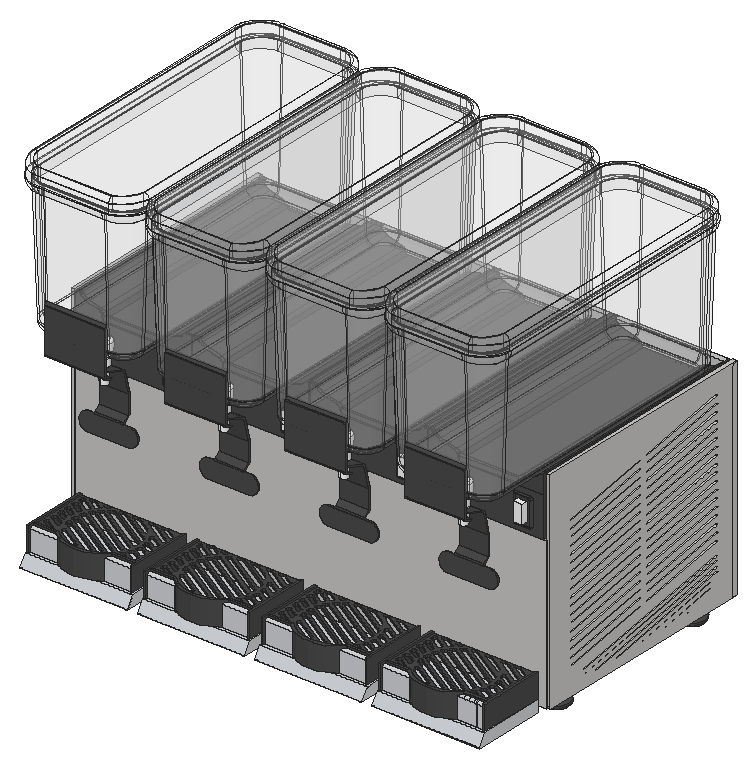
Revit family "QF_Vollrath-VBBD4-37T", category Specialty Equipment, Revit 2018
Family settings
  Round Connector Dimension = Use Diameter
  Part Type = Normal
  Work Plane-Based = No
  Always vertical = Yes
  Cut with Voids When Loaded = Yes
  Shared = No
  Room Calculation Point = No
Parameters (values of type "VBBD4-37-S")
  Weight in Pounds = 110.2
  Watts = 0 W
  Volts = 115 V
  Undercounter Visibility [instance] = no
  Serial Number [instance] = ""
  Refrigerant Type = "R134a"
  Phase = 1
  Model = "VBBD4-37-S"
  Manufacturer = "Vollrath"
  Keynote = ""
  Item Number [instance] = ""
  Installed By = ""
  Foodservice Equipment Identifier = yes
  HP = "-"
  Furnished By = ""
  FL Amps = 16 A
  Electrical Routing [instance] = ""
  Electrical Remarks [instance] = ""
  Electrical Final Connections = ""
  Electric Connection Type = ""
  Elec Conn RI Height = 0"
  Description = "3.17 Gallon Refrigerated Beverage Dispenser"
  Cycle = 60 Hz
  Cost = 0
  Conn Plug = "NEMA 5-20P"
  CSI MasterFormat = ""
  BTUH = 3660.0 Btu/h
  Apparent Power = 0 VA
  Above Counter Visibility [instance] = no
Reference planes (in)
  plane 1 "Unit_Center (F/B)": y = 0
  plane 2: z = 0
  plane 3 "Center of Unit 1 Drip Tray": x = 0
  plane 4 "Right": x = 31.12
  plane 5 "Left": x = -3.6675
  plane 6 "Rear": y = 10.7576
  plane 7 "Front": y = -7.75
  plane 8 "Top": z = 22.12081
  plane 9 "Base Cabinet Front": y = -3.27362
  plane 10 "Cabinet Base": z = 0.37402
  plane 11 "Top of Cabinet": z = 12.97075
  plane 12 "Top Trim": z = 14.07311
  plane 13 "Clearance Left": x = -9.4875
  plane 14 "Clearance Right": x = 25.11875
  plane 15 "Clearance Rear": y = 16.875
  plane 16 "Center of Unit": x = 3.55212
Forms (in)
  Sweep 1, solid, material "QF_Finishes-Clear Plastic"
    path origin (-0.15625, 3.74664, -1.59015) x (1, 0, 0) y (0, 1, 0)
      loop
        line (-2.2551, -11.10622) -> (2.2551, -11.10622)
        arc (2.2551, -11.10622) -> (2.85564, -10.64462) -> (3.17382, -9.95724) r 1.58698
        line (3.17382, -9.95724) -> (3.17382, 5.36453)
        arc (3.17382, 5.36453) -> (2.71278, 6.17327) -> (1.84782, 6.51746) r 1.40778
        line (1.84782, 6.51746) -> (-1.84782, 6.51746)
        arc (-1.84782, 6.51746) -> (-2.71161, 6.17429) -> (-3.17326, 5.36758) r 1.40778
        line (-3.17326, 5.36758) -> (-3.17326, -9.96011)
        arc (-3.17326, -9.96011) -> (-2.85472, -10.64576) -> (-2.2551, -11.10622) r 1.58698
    profile origin (-0.15625, -7.35958, -1.59015) x (0, 1, 0) y (0, 0, 1)
      loop
        line (-0.39475, 22.88102) -> (-0.01824, 22.88102) -> (-0.01824, 23.6765)
        arc (-0.01824, 23.6765) -> (-0.26993, 23.6729) -> (-0.39475, 23.45431) r 0.25381
        line (-0.39475, 23.45431) -> (-0.39475, 22.88102)
  Extrusion 2, solid, material "QF_Finishes-Clear Plastic"
    sketch origin (-0.15625, 3.7403, -2.36291) x (1, 0, 0) y (0, 1, 0)
      loop
        line (-2.15049, -11.11812) -> (2.25892, -11.11812)
        arc (2.25892, -11.11812) -> (2.86473, -10.65608) -> (3.18926, -9.96676) r 1.60522
        line (3.18926, -9.96676) -> (3.18926, 5.42563)
        arc (3.18926, 5.42563) -> (2.86227, 6.21505) -> (2.07284, 6.54204) r 1.11642
        line (2.07284, 6.54204) -> (-2.09748, 6.54204)
        arc (-2.09748, 6.54204) -> (-2.80722, 6.28665) -> (-3.1915, 5.63759) r 1.11388
        line (-3.1915, 5.63759) -> (-3.1915, -9.95554)
        arc (-3.1915, -9.95554) -> (-2.83451, -10.68325) -> (-2.15049, -11.11812) r 1.49663
    from 24.42674 to 24.46291
  Extrusion 3, solid, material "QF_Finishes-Stainless"
    sketch origin (0, 0, 0) x (0, 1, 0) y (0, 0, 1)
      loop
        line (10.7576, 0.80737) -> (10.7576, 13.35433) -> (-3.27362, 13.35433) -> (-3.27362, 0.80737)
        arc (-3.27362, 0.80737) -> (-3.24768, 0.74473) -> (-3.18504, 0.71878) r 0.08858
        line (-3.18504, 0.71878) -> (10.66901, 0.71878)
        arc (10.66901, 0.71878) -> (10.73165, 0.74473) -> (10.7576, 0.80737) r 0.08858
      loop
        line (8.85098, 1.60553) -> (8.83902, 1.67336)
        arc (8.83902, 1.67336) -> (8.80299, 1.6853) -> (8.76503, 1.68493) r 0.11572
        line (8.76503, 1.68493) -> (6.88486, 1.3534)
        arc (6.88486, 1.3534) -> (6.84907, 1.34077) -> (6.81928, 1.31723) r 0.11572
        line (6.81928, 1.31723) -> (6.83124, 1.2494) -> (8.85098, 1.60553)
      loop
        line (8.85098, 1.90536) -> (8.83902, 1.97319)
        arc (8.83902, 1.97319) -> (8.80299, 1.98513) -> (8.76503, 1.98476) r 0.11572
        line (8.76503, 1.98476) -> (5.18444, 1.3534)
        arc (5.18444, 1.3534) -> (5.14864, 1.34077) -> (5.11886, 1.31723) r 0.11572
        line (5.11886, 1.31723) -> (5.13082, 1.2494) -> (8.85098, 1.90536)
      loop
        line (8.85098, 2.20519) -> (8.83902, 2.27302)
        arc (8.83902, 2.27302) -> (8.80299, 2.28496) -> (8.76503, 2.28459) r 0.11572
        line (8.76503, 2.28459) -> (3.48402, 1.3534)
        arc (3.48402, 1.3534) -> (3.44822, 1.34077) -> (3.41843, 1.31723) r 0.11572
        line (3.41843, 1.31723) -> (3.43039, 1.2494) -> (8.85098, 2.20519)
      loop
        line (9.32147, 2.58798) -> (9.30942, 2.65631)
        arc (9.30942, 2.65631) -> (9.27338, 2.66825) -> (9.23542, 2.66788) r 0.11572
        line (9.23542, 2.66788) -> (1.7835, 1.3539)
        arc (1.7835, 1.3539) -> (1.7477, 1.34127) -> (1.71792, 1.31773) r 0.11572
        line (1.71792, 1.31773) -> (1.72997, 1.2494) -> (9.32147, 2.58798)
      loop
        line (9.32147, 2.88782) -> (9.30942, 2.95614)
        arc (9.30942, 2.95614) -> (9.27338, 2.96808) -> (9.23542, 2.96771) r 0.11572
        line (9.23542, 2.96771) -> (0.08308, 1.3539)
        arc (0.08308, 1.3539) -> (0.04728, 1.34127) -> (0.0175, 1.31773) r 0.11572
        line (0.0175, 1.31773) -> (0.02955, 1.2494) -> (9.32147, 2.88782)
      loop
        line (9.32147, 3.18765) -> (9.30942, 3.25598)
        arc (9.30942, 3.25598) -> (9.27338, 3.26791) -> (9.23542, 3.26754) r 0.11572
        line (9.23542, 3.26754) -> (-0.80278, 1.49753)
        arc (-0.80278, 1.49753) -> (-0.83858, 1.4849) -> (-0.86836, 1.46136) r 0.11572
        line (-0.86836, 1.46136) -> (-0.85632, 1.39303) -> (9.32147, 3.18765)
      loop
        line (9.32147, 3.48748) -> (9.30942, 3.55581)
        arc (9.30942, 3.55581) -> (9.27338, 3.56774) -> (9.23542, 3.56737) r 0.11572
        line (9.23542, 3.56737) -> (-0.80278, 1.79736)
        arc (-0.80278, 1.79736) -> (-0.83858, 1.78473) -> (-0.86836, 1.76119) r 0.11572
        line (-0.86836, 1.76119) -> (-0.85632, 1.69286) -> (9.32147, 3.48748)
      loop
        line (9.32185, 4.22424) -> (9.30129, 4.34083)
        arc (9.30129, 4.34083) -> (9.26526, 4.35276) -> (9.22729, 4.35239) r 0.11572
        line (9.22729, 4.35239) -> (4.01542, 3.4334)
        arc (4.01542, 3.4334) -> (3.97963, 3.42076) -> (3.94984, 3.39722) r 0.11572
        line (3.94984, 3.39722) -> (3.9704, 3.28063) -> (9.32185, 4.22424)
      loop
        line (3.58682, 3.213) -> (3.56626, 3.32958)
        arc (3.56626, 3.32958) -> (3.53022, 3.34152) -> (3.49226, 3.34115) r 0.11572
        line (3.49226, 3.34115) -> (-1.71961, 2.42215)
        arc (-1.71961, 2.42215) -> (-1.75541, 2.40952) -> (-1.78519, 2.38598) r 0.11572
        line (-1.78519, 2.38598) -> (-1.76463, 2.26939) -> (3.58682, 3.213)
      loop
        line (9.32185, 4.68766) -> (9.30129, 4.80425)
        arc (9.30129, 4.80425) -> (9.26526, 4.81619) -> (9.22729, 4.81581) r 0.11572
        line (9.22729, 4.81581) -> (4.01542, 3.89682)
        arc (4.01542, 3.89682) -> (3.97963, 3.88419) -> (3.94984, 3.86065) r 0.11572
        line (3.94984, 3.86065) -> (3.9704, 3.74406) -> (9.32185, 4.68766)
      loop
        line (3.58682, 3.67642) -> (3.56626, 3.79301)
        arc (3.56626, 3.79301) -> (3.53022, 3.80494) -> (3.49226, 3.80457) r 0.11572
        line (3.49226, 3.80457) -> (-1.71961, 2.88558)
        arc (-1.71961, 2.88558) -> (-1.75541, 2.87294) -> (-1.78519, 2.8494) r 0.11572
        line (-1.78519, 2.8494) -> (-1.76463, 2.73282) -> (3.58682, 3.67642)
      loop
        line (9.32185, 5.15109) -> (9.30129, 5.26768)
        arc (9.30129, 5.26768) -> (9.26526, 5.27961) -> (9.22729, 5.27924) r 0.11572
        line (9.22729, 5.27924) -> (4.01542, 4.36025)
        arc (4.01542, 4.36025) -> (3.97963, 4.34761) -> (3.94984, 4.32407) r 0.11572
        line (3.94984, 4.32407) -> (3.9704, 4.20748) -> (9.32185, 5.15109)
      loop
        line (3.58682, 4.13985) -> (3.56626, 4.25644)
        arc (3.56626, 4.25644) -> (3.53022, 4.26837) -> (3.49226, 4.268) r 0.11572
        line (3.49226, 4.268) -> (-1.71961, 3.34901)
        arc (-1.71961, 3.34901) -> (-1.75541, 3.33637) -> (-1.78519, 3.31283) r 0.11572
        line (-1.78519, 3.31283) -> (-1.76463, 3.19624) -> (3.58682, 4.13985)
      loop
        line (9.32185, 5.61451) -> (9.30129, 5.7311)
        arc (9.30129, 5.7311) -> (9.26526, 5.74304) -> (9.22729, 5.74267) r 0.11572
        line (9.22729, 5.74267) -> (4.01542, 4.82367)
        arc (4.01542, 4.82367) -> (3.97963, 4.81104) -> (3.94984, 4.7875) r 0.11572
        line (3.94984, 4.7875) -> (3.9704, 4.67091) -> (9.32185, 5.61451)
      loop
        line (3.58682, 4.60327) -> (3.56626, 4.71986)
        arc (3.56626, 4.71986) -> (3.53022, 4.73179) -> (3.49226, 4.73142) r 0.11572
        line (3.49226, 4.73142) -> (-1.71961, 3.81243)
        arc (-1.71961, 3.81243) -> (-1.75541, 3.7998) -> (-1.78519, 3.77626) r 0.11572
        line (-1.78519, 3.77626) -> (-1.76463, 3.65967) -> (3.58682, 4.60327)
      loop
        line (9.32185, 6.07794) -> (9.30129, 6.19453)
        arc (9.30129, 6.19453) -> (9.26526, 6.20646) -> (9.22729, 6.20609) r 0.11572
        line (9.22729, 6.20609) -> (4.01542, 5.2871)
        arc (4.01542, 5.2871) -> (3.97963, 5.27446) -> (3.94984, 5.25092) r 0.11572
        line (3.94984, 5.25092) -> (3.9704, 5.13434) -> (9.32185, 6.07794)
      loop
        line (3.58682, 5.0667) -> (3.56626, 5.18329)
        arc (3.56626, 5.18329) -> (3.53022, 5.19522) -> (3.49226, 5.19485) r 0.11572
        line (3.49226, 5.19485) -> (-1.71961, 4.27586)
        arc (-1.71961, 4.27586) -> (-1.75541, 4.26322) -> (-1.78519, 4.23968) r 0.11572
        line (-1.78519, 4.23968) -> (-1.76463, 4.12309) -> (3.58682, 5.0667)
      loop
        line (9.32185, 6.54137) -> (9.30129, 6.65795)
        arc (9.30129, 6.65795) -> (9.26526, 6.66989) -> (9.22729, 6.66952) r 0.11572
        line (9.22729, 6.66952) -> (4.01542, 5.75052)
        arc (4.01542, 5.75052) -> (3.97963, 5.73789) -> (3.94984, 5.71435) r 0.11572
        line (3.94984, 5.71435) -> (3.9704, 5.59776) -> (9.32185, 6.54137)
      loop
        line (3.58682, 5.53012) -> (3.56626, 5.64671)
        arc (3.56626, 5.64671) -> (3.53022, 5.65864) -> (3.49226, 5.65827) r 0.11572
        line (3.49226, 5.65827) -> (-1.71961, 4.73928)
        arc (-1.71961, 4.73928) -> (-1.75541, 4.72665) -> (-1.78519, 4.70311) r 0.11572
        line (-1.78519, 4.70311) -> (-1.76463, 4.58652) -> (3.58682, 5.53012)
      loop
        line (9.32185, 7.00479) -> (9.30129, 7.12138)
        arc (9.30129, 7.12138) -> (9.26526, 7.13331) -> (9.22729, 7.13294) r 0.11572
        line (9.22729, 7.13294) -> (4.01542, 6.21395)
        arc (4.01542, 6.21395) -> (3.97963, 6.20131) -> (3.94984, 6.17777) r 0.11572
        line (3.94984, 6.17777) -> (3.9704, 6.06119) -> (9.32185, 7.00479)
      loop
        line (3.58682, 5.99355) -> (3.56626, 6.11014)
        arc (3.56626, 6.11014) -> (3.53022, 6.12207) -> (3.49226, 6.1217) r 0.11572
        line (3.49226, 6.1217) -> (-1.71961, 5.20271)
        arc (-1.71961, 5.20271) -> (-1.75541, 5.19007) -> (-1.78519, 5.16653) r 0.11572
        line (-1.78519, 5.16653) -> (-1.76463, 5.04994) -> (3.58682, 5.99355)
      loop
        line (9.32185, 7.46822) -> (9.30129, 7.5848)
        arc (9.30129, 7.5848) -> (9.26526, 7.59674) -> (9.22729, 7.59637) r 0.11572
        line (9.22729, 7.59637) -> (4.01542, 6.67737)
        arc (4.01542, 6.67737) -> (3.97963, 6.66474) -> (3.94984, 6.6412) r 0.11572
        line (3.94984, 6.6412) -> (3.9704, 6.52461) -> (9.32185, 7.46822)
      loop
        line (3.58682, 6.45697) -> (3.56626, 6.57356)
        arc (3.56626, 6.57356) -> (3.53022, 6.5855) -> (3.49226, 6.58512) r 0.11572
        line (3.49226, 6.58512) -> (-1.71961, 5.66613)
        arc (-1.71961, 5.66613) -> (-1.75541, 5.6535) -> (-1.78519, 5.62996) r 0.11572
        line (-1.78519, 5.62996) -> (-1.76463, 5.51337) -> (3.58682, 6.45697)
      loop
        line (9.32185, 7.93164) -> (9.30129, 8.04823)
        arc (9.30129, 8.04823) -> (9.26526, 8.06016) -> (9.22729, 8.05979) r 0.11572
        line (9.22729, 8.05979) -> (4.01542, 7.1408)
        arc (4.01542, 7.1408) -> (3.97963, 7.12816) -> (3.94984, 7.10462) r 0.11572
        line (3.94984, 7.10462) -> (3.9704, 6.98804) -> (9.32185, 7.93164)
      loop
        line (3.58682, 6.9204) -> (3.56626, 7.03699)
        arc (3.56626, 7.03699) -> (3.53022, 7.04892) -> (3.49226, 7.04855) r 0.11572
        line (3.49226, 7.04855) -> (-1.71961, 6.12956)
        arc (-1.71961, 6.12956) -> (-1.75541, 6.11692) -> (-1.78519, 6.09338) r 0.11572
        line (-1.78519, 6.09338) -> (-1.76463, 5.97679) -> (3.58682, 6.9204)
      loop
        line (9.32185, 8.39507) -> (9.30129, 8.51165)
        arc (9.30129, 8.51165) -> (9.26526, 8.52359) -> (9.22729, 8.52322) r 0.11572
        line (9.22729, 8.52322) -> (4.01542, 7.60422)
        arc (4.01542, 7.60422) -> (3.97963, 7.59159) -> (3.94984, 7.56805) r 0.11572
        line (3.94984, 7.56805) -> (3.9704, 7.45146) -> (9.32185, 8.39507)
      loop
        line (3.58682, 7.38382) -> (3.56626, 7.50041)
        arc (3.56626, 7.50041) -> (3.53022, 7.51235) -> (3.49226, 7.51198) r 0.11572
        line (3.49226, 7.51198) -> (-1.71961, 6.59298)
        arc (-1.71961, 6.59298) -> (-1.75541, 6.58035) -> (-1.78519, 6.55681) r 0.11572
        line (-1.78519, 6.55681) -> (-1.76463, 6.44022) -> (3.58682, 7.38382)
      loop
        line (9.32185, 8.85849) -> (9.30129, 8.97508)
        arc (9.30129, 8.97508) -> (9.26526, 8.98701) -> (9.22729, 8.98664) r 0.11572
        line (9.22729, 8.98664) -> (4.01542, 8.06765)
        arc (4.01542, 8.06765) -> (3.97963, 8.05501) -> (3.94984, 8.03147) r 0.11572
        line (3.94984, 8.03147) -> (3.9704, 7.91489) -> (9.32185, 8.85849)
      loop
        line (3.58682, 7.84725) -> (3.56626, 7.96384)
        arc (3.56626, 7.96384) -> (3.53022, 7.97577) -> (3.49226, 7.9754) r 0.11572
        line (3.49226, 7.9754) -> (-1.71961, 7.05641)
        arc (-1.71961, 7.05641) -> (-1.75541, 7.04377) -> (-1.78519, 7.02023) r 0.11572
        line (-1.78519, 7.02023) -> (-1.76463, 6.90364) -> (3.58682, 7.84725)
      loop
        line (9.32185, 9.32192) -> (9.30129, 9.4385)
        arc (9.30129, 9.4385) -> (9.26526, 9.45044) -> (9.22729, 9.45007) r 0.11572
        line (9.22729, 9.45007) -> (4.01542, 8.53107)
        arc (4.01542, 8.53107) -> (3.97963, 8.51844) -> (3.94984, 8.4949) r 0.11572
        line (3.94984, 8.4949) -> (3.9704, 8.37831) -> (9.32185, 9.32192)
      loop
        line (3.58682, 8.31068) -> (3.56626, 8.42726)
        arc (3.56626, 8.42726) -> (3.53022, 8.4392) -> (3.49226, 8.43883) r 0.11572
        line (3.49226, 8.43883) -> (-1.71961, 7.51983)
        arc (-1.71961, 7.51983) -> (-1.75541, 7.5072) -> (-1.78519, 7.48366) r 0.11572
        line (-1.78519, 7.48366) -> (-1.76463, 7.36707) -> (3.58682, 8.31068)
      loop
        line (9.32185, 9.78534) -> (9.30129, 9.90193)
        arc (9.30129, 9.90193) -> (9.26526, 9.91386) -> (9.22729, 9.91349) r 0.11572
        line (9.22729, 9.91349) -> (4.01542, 8.9945)
        arc (4.01542, 8.9945) -> (3.97963, 8.98186) -> (3.94984, 8.95832) r 0.11572
        line (3.94984, 8.95832) -> (3.9704, 8.84174) -> (9.32185, 9.78534)
      loop
        line (3.58682, 8.7741) -> (3.56626, 8.89069)
        arc (3.56626, 8.89069) -> (3.53022, 8.90262) -> (3.49226, 8.90225) r 0.11572
        line (3.49226, 8.90225) -> (-1.71961, 7.98326)
        arc (-1.71961, 7.98326) -> (-1.75541, 7.97062) -> (-1.78519, 7.94708) r 0.11572
        line (-1.78519, 7.94708) -> (-1.76463, 7.8305) -> (3.58682, 8.7741)
      loop
        line (9.32185, 10.24877) -> (9.30129, 10.36535)
        arc (9.30129, 10.36535) -> (9.26526, 10.37729) -> (9.22729, 10.37692) r 0.11572
        line (9.22729, 10.37692) -> (4.01542, 9.45792)
        arc (4.01542, 9.45792) -> (3.97963, 9.44529) -> (3.94984, 9.42175) r 0.11572
        line (3.94984, 9.42175) -> (3.9704, 9.30516) -> (9.32185, 10.24877)
      loop
        line (3.58682, 9.23753) -> (3.56626, 9.35411)
        arc (3.56626, 9.35411) -> (3.53022, 9.36605) -> (3.49226, 9.36568) r 0.11572
        line (3.49226, 9.36568) -> (-1.71961, 8.44668)
        arc (-1.71961, 8.44668) -> (-1.75541, 8.43405) -> (-1.78519, 8.41051) r 0.11572
        line (-1.78519, 8.41051) -> (-1.76463, 8.29392) -> (3.58682, 9.23753)
      loop
        line (9.32185, 10.71219) -> (9.30129, 10.82878)
        arc (9.30129, 10.82878) -> (9.26526, 10.84071) -> (9.22729, 10.84034) r 0.11572
        line (9.22729, 10.84034) -> (4.01542, 9.92135)
        arc (4.01542, 9.92135) -> (3.97963, 9.90871) -> (3.94984, 9.88517) r 0.11572
        line (3.94984, 9.88517) -> (3.9704, 9.76859) -> (9.32185, 10.71219)
      loop
        line (3.58682, 9.70095) -> (3.56626, 9.81754)
        arc (3.56626, 9.81754) -> (3.53022, 9.82947) -> (3.49226, 9.8291) r 0.11572
        line (3.49226, 9.8291) -> (-1.71961, 8.91011)
        arc (-1.71961, 8.91011) -> (-1.75541, 8.89747) -> (-1.78519, 8.87393) r 0.11572
        line (-1.78519, 8.87393) -> (-1.76463, 8.75735) -> (3.58682, 9.70095)
      loop
        line (9.32185, 11.17562) -> (9.30129, 11.2922)
        arc (9.30129, 11.2922) -> (9.26526, 11.30414) -> (9.22729, 11.30377) r 0.11572
        line (9.22729, 11.30377) -> (4.01542, 10.38477)
        arc (4.01542, 10.38477) -> (3.97963, 10.37214) -> (3.94984, 10.3486) r 0.11572
        line (3.94984, 10.3486) -> (3.9704, 10.23201) -> (9.32185, 11.17562)
      loop
        line (3.58682, 10.16438) -> (3.56626, 10.28096)
        arc (3.56626, 10.28096) -> (3.53022, 10.2929) -> (3.49226, 10.29253) r 0.11572
        line (3.49226, 10.29253) -> (-1.71961, 9.37353)
        arc (-1.71961, 9.37353) -> (-1.75541, 9.3609) -> (-1.78519, 9.33736) r 0.11572
        line (-1.78519, 9.33736) -> (-1.76463, 9.22077) -> (3.58682, 10.16438)
      loop
        line (9.32185, 11.63904) -> (9.30129, 11.75563)
        arc (9.30129, 11.75563) -> (9.26526, 11.76756) -> (9.22729, 11.76719) r 0.11572
        line (9.22729, 11.76719) -> (4.01542, 10.8482)
        arc (4.01542, 10.8482) -> (3.97963, 10.83556) -> (3.94984, 10.81202) r 0.11572
        line (3.94984, 10.81202) -> (3.9704, 10.69544) -> (9.32185, 11.63904)
      loop
        line (3.58682, 10.6278) -> (3.56626, 10.74439)
        arc (3.56626, 10.74439) -> (3.53022, 10.75632) -> (3.49226, 10.75595) r 0.11572
        line (3.49226, 10.75595) -> (-1.71961, 9.83696)
        arc (-1.71961, 9.83696) -> (-1.75541, 9.82432) -> (-1.78519, 9.80078) r 0.11572
        line (-1.78519, 9.80078) -> (-1.76463, 9.6842) -> (3.58682, 10.6278)
      loop
        line (9.32185, 12.10307) -> (9.30129, 12.21966)
        arc (9.30129, 12.21966) -> (9.26526, 12.23159) -> (9.22729, 12.23122) r 0.11572
        line (9.22729, 12.23122) -> (4.01542, 11.31223)
        arc (4.01542, 11.31223) -> (3.97963, 11.29959) -> (3.94984, 11.27605) r 0.11572
        line (3.94984, 11.27605) -> (3.9704, 11.15947) -> (9.32185, 12.10307)
      loop
        line (3.58682, 11.09183) -> (3.56626, 11.20842)
        arc (3.56626, 11.20842) -> (3.53022, 11.22035) -> (3.49226, 11.21998) r 0.11572
        line (3.49226, 11.21998) -> (-1.71961, 10.30099)
        arc (-1.71961, 10.30099) -> (-1.75541, 10.28835) -> (-1.78519, 10.26481) r 0.11572
        line (-1.78519, 10.26481) -> (-1.76463, 10.14822) -> (3.58682, 11.09183)
    from -3.6675 to -3.46457
  Extrusion 4, solid, material "QF_Finishes-Black Plastic"
    sketch origin (0, 0, 0) x (1, 0, 0) y (0, 0, 1)
      loop
        line (-3.55, 9.73814) -> (3.55, 9.73814) -> (3.55, 13.26725) -> (3.22835, 13.26725)
        arc (3.22835, 13.26725) -> (3.13884, 13.24576) -> (3.06885, 13.18598) r 0.19715
        arc (3.06885, 13.18598) -> (3.03916, 13.13968) -> (3.00315, 13.0981) r 0.3838
        arc (3.00315, 13.0981) -> (2.87095, 12.99666) -> (2.717, 12.93289) r 0.63833
        line (2.717, 12.93289) -> (1.86181, 12.70374)
        arc (1.86181, 12.70374) -> (1.74573, 12.63647) -> (1.67922, 12.51995) r 0.2576
        line (1.67922, 12.51995) -> (-1.67922, 12.51995)
        arc (-1.67922, 12.51995) -> (-1.74573, 12.63647) -> (-1.86181, 12.70374) r 0.2576
        line (-1.86181, 12.70374) -> (-2.717, 12.93289)
        arc (-2.717, 12.93289) -> (-2.87095, 12.99666) -> (-3.00315, 13.0981) r 0.63833
        arc (-3.00315, 13.0981) -> (-3.03916, 13.13968) -> (-3.06885, 13.18598) r 0.3838
        arc (-3.06885, 13.18598) -> (-3.13884, 13.24576) -> (-3.22835, 13.26725) r 0.19715
        line (-3.22835, 13.26725) -> (-3.55, 13.26725) -> (-3.55, 9.73814)
    from 3.12402 to 3.27362
  Extrusion 5, solid, material "QF_Finishes-Stainless"
    sketch origin (0, 0, 0) x (1, 0, 0) y (0, 0, 1)
      loop
        line (-3.46457, 0.68898) -> (24.91582, 0.68898) -> (24.91582, 9.73814) -> (-3.46457, 9.73814) -> (-3.46457, 0.68898)
    from 3.12402 to 3.27362
  Extrusion 6, solid, material "QF_Finishes-Stainless"
    sketch origin (0, 0, 0) x (1, 0, 0) y (0, 0, 1)
      loop
        line (-3.6675, 0.71878) -> (25.11875, 0.71878) -> (25.11875, 13.26725) -> (-3.6675, 13.26725) -> (-3.6675, 0.71878)
      loop
        line (2.75362, 2.08631) -> (2.75362, 2.13404) -> (2.63501, 2.23715)
        arc (2.63501, 2.23715) -> (2.60199, 2.25254) -> (2.56595, 2.25782) r 0.12567
        line (2.56595, 2.25782) -> (-2.37374, 2.25782)
        arc (-2.37374, 2.25782) -> (-2.40979, 2.25254) -> (-2.44281, 2.23715) r 0.12567
        line (-2.44281, 2.23715) -> (-2.56142, 2.13404) -> (-2.56142, 2.08631) -> (2.75362, 2.08631)
      loop
        line (2.75362, 2.46032) -> (2.75362, 2.50806) -> (2.63501, 2.61116)
        arc (2.63501, 2.61116) -> (2.60199, 2.62656) -> (2.56595, 2.63184) r 0.12567
        line (2.56595, 2.63184) -> (-2.37374, 2.63184)
        arc (-2.37374, 2.63184) -> (-2.40979, 2.62656) -> (-2.44281, 2.61116) r 0.12567
        line (-2.44281, 2.61116) -> (-2.56142, 2.50806) -> (-2.56142, 2.46032) -> (2.75362, 2.46032)
      loop
        line (2.75362, 2.83434) -> (2.75362, 2.88207) -> (2.63501, 2.98518)
        arc (2.63501, 2.98518) -> (2.60199, 3.00058) -> (2.56595, 3.00586) r 0.12567
        line (2.56595, 3.00586) -> (-2.37374, 3.00586)
        arc (-2.37374, 3.00586) -> (-2.40979, 3.00058) -> (-2.44281, 2.98518) r 0.12567
        line (-2.44281, 2.98518) -> (-2.56142, 2.88207) -> (-2.56142, 2.83434) -> (2.75362, 2.83434)
      loop
        line (2.75362, 3.20835) -> (2.75362, 3.25609) -> (2.63501, 3.35919)
        arc (2.63501, 3.35919) -> (2.60199, 3.37459) -> (2.56595, 3.37987) r 0.12567
        line (2.56595, 3.37987) -> (-2.37374, 3.37987)
        arc (-2.37374, 3.37987) -> (-2.40979, 3.37459) -> (-2.44281, 3.35919) r 0.12567
        line (-2.44281, 3.35919) -> (-2.56142, 3.25609) -> (-2.56142, 3.20835) -> (2.75362, 3.20835)
      loop
        line (2.75362, 3.58237) -> (2.75362, 3.6301) -> (2.63501, 3.73321)
        arc (2.63501, 3.73321) -> (2.60199, 3.74861) -> (2.56595, 3.75389) r 0.12567
        line (2.56595, 3.75389) -> (-2.37374, 3.75389)
        arc (-2.37374, 3.75389) -> (-2.40979, 3.74861) -> (-2.44281, 3.73321) r 0.12567
        line (-2.44281, 3.73321) -> (-2.56142, 3.6301) -> (-2.56142, 3.58237) -> (2.75362, 3.58237)
      loop
        line (2.75362, 3.95639) -> (2.75362, 4.00412) -> (2.63501, 4.10722)
        arc (2.63501, 4.10722) -> (2.60199, 4.12262) -> (2.56595, 4.1279) r 0.12567
        line (2.56595, 4.1279) -> (-2.37374, 4.1279)
        arc (-2.37374, 4.1279) -> (-2.40979, 4.12262) -> (-2.44281, 4.10722) r 0.12567
        line (-2.44281, 4.10722) -> (-2.56142, 4.00412) -> (-2.56142, 3.95639) -> (2.75362, 3.95639)
      loop
        line (2.75362, 4.3304) -> (2.75362, 4.37813) -> (2.63501, 4.48124)
        arc (2.63501, 4.48124) -> (2.60199, 4.49664) -> (2.56595, 4.50192) r 0.12567
        line (2.56595, 4.50192) -> (-2.37374, 4.50192)
        arc (-2.37374, 4.50192) -> (-2.40979, 4.49664) -> (-2.44281, 4.48124) r 0.12567
        line (-2.44281, 4.48124) -> (-2.56142, 4.37813) -> (-2.56142, 4.3304) -> (2.75362, 4.3304)
      loop
        line (2.75362, 4.70442) -> (2.75362, 4.75215) -> (2.63501, 4.85526)
        arc (2.63501, 4.85526) -> (2.60199, 4.87065) -> (2.56595, 4.87594) r 0.12567
        line (2.56595, 4.87594) -> (-2.37374, 4.87594)
        arc (-2.37374, 4.87594) -> (-2.40979, 4.87065) -> (-2.44281, 4.85526) r 0.12567
        line (-2.44281, 4.85526) -> (-2.56142, 4.75215) -> (-2.56142, 4.70442) -> (2.75362, 4.70442)
      loop
        line (2.75362, 5.07843) -> (2.75362, 5.12617) -> (2.63501, 5.22927)
        arc (2.63501, 5.22927) -> (2.60199, 5.24467) -> (2.56595, 5.24995) r 0.12567
        line (2.56595, 5.24995) -> (-2.37374, 5.24995)
        arc (-2.37374, 5.24995) -> (-2.40979, 5.24467) -> (-2.44281, 5.22927) r 0.12567
        line (-2.44281, 5.22927) -> (-2.56142, 5.12617) -> (-2.56142, 5.07843) -> (2.75362, 5.07843)
      loop
        line (2.75362, 5.45245) -> (2.75362, 5.50018) -> (2.63501, 5.60329)
        arc (2.63501, 5.60329) -> (2.60199, 5.61869) -> (2.56595, 5.62397) r 0.12567
        line (2.56595, 5.62397) -> (-2.37374, 5.62397)
        arc (-2.37374, 5.62397) -> (-2.40979, 5.61869) -> (-2.44281, 5.60329) r 0.12567
        line (-2.44281, 5.60329) -> (-2.56142, 5.50018) -> (-2.56142, 5.45245) -> (2.75362, 5.45245)
      loop
        line (2.75362, 5.82646) -> (2.75362, 5.8742) -> (2.63501, 5.9773)
        arc (2.63501, 5.9773) -> (2.60199, 5.9927) -> (2.56595, 5.99798) r 0.12567
        line (2.56595, 5.99798) -> (-2.37374, 5.99798)
        arc (-2.37374, 5.99798) -> (-2.40979, 5.9927) -> (-2.44281, 5.9773) r 0.12567
        line (-2.44281, 5.9773) -> (-2.56142, 5.8742) -> (-2.56142, 5.82646) -> (2.75362, 5.82646)
      loop
        line (2.75362, 6.20048) -> (2.75362, 6.24821) -> (2.63501, 6.35132)
        arc (2.63501, 6.35132) -> (2.60199, 6.36672) -> (2.56595, 6.372) r 0.12567
        line (2.56595, 6.372) -> (-2.37374, 6.372)
        arc (-2.37374, 6.372) -> (-2.40979, 6.36672) -> (-2.44281, 6.35132) r 0.12567
        line (-2.44281, 6.35132) -> (-2.56142, 6.24821) -> (-2.56142, 6.20048) -> (2.75362, 6.20048)
      loop
        line (2.75362, 6.5745) -> (2.75362, 6.62223) -> (2.63501, 6.72534)
        arc (2.63501, 6.72534) -> (2.60199, 6.74073) -> (2.56595, 6.74601) r 0.12567
        line (2.56595, 6.74601) -> (-2.37374, 6.74601)
        arc (-2.37374, 6.74601) -> (-2.40979, 6.74073) -> (-2.44281, 6.72534) r 0.12567
        line (-2.44281, 6.72534) -> (-2.56142, 6.62223) -> (-2.56142, 6.5745) -> (2.75362, 6.5745)
      loop
        line (2.75362, 6.94851) -> (2.75362, 6.99625) -> (2.63501, 7.09935)
        arc (2.63501, 7.09935) -> (2.60199, 7.11475) -> (2.56595, 7.12003) r 0.12567
        line (2.56595, 7.12003) -> (-2.37374, 7.12003)
        arc (-2.37374, 7.12003) -> (-2.40979, 7.11475) -> (-2.44281, 7.09935) r 0.12567
        line (-2.44281, 7.09935) -> (-2.56142, 6.99625) -> (-2.56142, 6.94851) -> (2.75362, 6.94851)
      loop
        line (2.75362, 7.32253) -> (2.75362, 7.37026) -> (2.63501, 7.47337)
        arc (2.63501, 7.47337) -> (2.60199, 7.48876) -> (2.56595, 7.49405) r 0.12567
        line (2.56595, 7.49405) -> (-2.37374, 7.49405)
        arc (-2.37374, 7.49405) -> (-2.40979, 7.48876) -> (-2.44281, 7.47337) r 0.12567
        line (-2.44281, 7.47337) -> (-2.56142, 7.37026) -> (-2.56142, 7.32253) -> (2.75362, 7.32253)
      loop
        line (2.75362, 7.69654) -> (2.75362, 7.74428) -> (2.63501, 7.84738)
        arc (2.63501, 7.84738) -> (2.60199, 7.86278) -> (2.56595, 7.86806) r 0.12567
        line (2.56595, 7.86806) -> (-2.37374, 7.86806)
        arc (-2.37374, 7.86806) -> (-2.40979, 7.86278) -> (-2.44281, 7.84738) r 0.12567
        line (-2.44281, 7.84738) -> (-2.56142, 7.74428) -> (-2.56142, 7.69654) -> (2.75362, 7.69654)
      loop
        line (2.75362, 8.07056) -> (2.75362, 8.11829) -> (2.63501, 8.2214)
        arc (2.63501, 8.2214) -> (2.60199, 8.2368) -> (2.56595, 8.24208) r 0.12567
        line (2.56595, 8.24208) -> (-2.37374, 8.24208)
        arc (-2.37374, 8.24208) -> (-2.40979, 8.2368) -> (-2.44281, 8.2214) r 0.12567
        line (-2.44281, 8.2214) -> (-2.56142, 8.11829) -> (-2.56142, 8.07056) -> (2.75362, 8.07056)
      loop
        line (2.75362, 8.44457) -> (2.75362, 8.49231) -> (2.63501, 8.59541)
        arc (2.63501, 8.59541) -> (2.60199, 8.61081) -> (2.56595, 8.61609) r 0.12567
        line (2.56595, 8.61609) -> (-2.37374, 8.61609)
        arc (-2.37374, 8.61609) -> (-2.40979, 8.61081) -> (-2.44281, 8.59541) r 0.12567
        line (-2.44281, 8.59541) -> (-2.56142, 8.49231) -> (-2.56142, 8.44457) -> (2.75362, 8.44457)
      loop
        line (2.75362, 8.81859) -> (2.75362, 8.86632) -> (2.63501, 8.96943)
        arc (2.63501, 8.96943) -> (2.60199, 8.98483) -> (2.56595, 8.99011) r 0.12567
        line (2.56595, 8.99011) -> (-2.37374, 8.99011)
        arc (-2.37374, 8.99011) -> (-2.40979, 8.98483) -> (-2.44281, 8.96943) r 0.12567
        line (-2.44281, 8.96943) -> (-2.56142, 8.86632) -> (-2.56142, 8.81859) -> (2.75362, 8.81859)
      loop
        line (2.75362, 9.19261) -> (2.75362, 9.24034) -> (2.63501, 9.34345)
        arc (2.63501, 9.34345) -> (2.60199, 9.35884) -> (2.56595, 9.36412) r 0.12567
        line (2.56595, 9.36412) -> (-2.37367, 9.36412)
        arc (-2.37367, 9.36412) -> (-2.40971, 9.35884) -> (-2.44273, 9.34345) r 0.12567
        line (-2.44273, 9.34345) -> (-2.56134, 9.24034) -> (-2.56134, 9.19261) -> (2.75362, 9.19261)
      loop
        line (2.75362, 9.56662) -> (2.75362, 9.61436) -> (2.63501, 9.71746)
        arc (2.63501, 9.71746) -> (2.60199, 9.73286) -> (2.56595, 9.73814) r 0.12567
        line (2.56595, 9.73814) -> (-2.37374, 9.73814)
        arc (-2.37374, 9.73814) -> (-2.40979, 9.73286) -> (-2.44281, 9.71746) r 0.12567
        line (-2.44281, 9.71746) -> (-2.56142, 9.61436) -> (-2.56142, 9.56662) -> (2.75362, 9.56662)
      loop
        line (2.75362, 9.94064) -> (2.75362, 9.98837) -> (2.63501, 10.09148)
        arc (2.63501, 10.09148) -> (2.60199, 10.10687) -> (2.56595, 10.11216) r 0.12567
        line (2.56595, 10.11216) -> (-2.37374, 10.11216)
        arc (-2.37374, 10.11216) -> (-2.40979, 10.10687) -> (-2.44281, 10.09148) r 0.12567
        line (-2.44281, 10.09148) -> (-2.56142, 9.98837) -> (-2.56142, 9.94064) -> (2.75362, 9.94064)
      loop
        line (2.75362, 10.31465) -> (2.75362, 10.36239) -> (2.63501, 10.46549)
        arc (2.63501, 10.46549) -> (2.60199, 10.48089) -> (2.56595, 10.48617) r 0.12567
        line (2.56595, 10.48617) -> (-2.37374, 10.48617)
        arc (-2.37374, 10.48617) -> (-2.40979, 10.48089) -> (-2.44281, 10.46549) r 0.12567
        line (-2.44281, 10.46549) -> (-2.56142, 10.36239) -> (-2.56142, 10.31465) -> (2.75362, 10.31465)
      loop
        line (2.75362, 10.68867) -> (2.75362, 10.7364) -> (2.63501, 10.83951)
        arc (2.63501, 10.83951) -> (2.60199, 10.85491) -> (2.56595, 10.86019) r 0.12567
        line (2.56595, 10.86019) -> (-2.37374, 10.86019)
        arc (-2.37374, 10.86019) -> (-2.40979, 10.85491) -> (-2.44281, 10.83951) r 0.12567
        line (-2.44281, 10.83951) -> (-2.56142, 10.7364) -> (-2.56142, 10.68867) -> (2.75362, 10.68867)
      loop
        line (2.75362, 11.06268) -> (2.75362, 11.11042) -> (2.63501, 11.21352)
        arc (2.63501, 11.21352) -> (2.60199, 11.22892) -> (2.56595, 11.2342) r 0.12567
        line (2.56595, 11.2342) -> (-2.37374, 11.2342)
        arc (-2.37374, 11.2342) -> (-2.40979, 11.22892) -> (-2.44281, 11.21352) r 0.12567
        line (-2.44281, 11.21352) -> (-2.56142, 11.11042) -> (-2.56142, 11.06268) -> (2.75362, 11.06268)
      loop
        line (2.75362, 11.4367) -> (2.75362, 11.48443) -> (2.63501, 11.58754)
        arc (2.63501, 11.58754) -> (2.60199, 11.60294) -> (2.56595, 11.60822) r 0.12567
        line (2.56595, 11.60822) -> (-2.37374, 11.60822)
        arc (-2.37374, 11.60822) -> (-2.40979, 11.60294) -> (-2.44281, 11.58754) r 0.12567
        line (-2.44281, 11.58754) -> (-2.56142, 11.48443) -> (-2.56142, 11.4367) -> (2.75362, 11.4367)
      loop
        line (2.75362, 11.81072) -> (2.75362, 11.85845) -> (2.63501, 11.96156)
        arc (2.63501, 11.96156) -> (2.60199, 11.97695) -> (2.56595, 11.98223) r 0.12567
        line (2.56595, 11.98223) -> (-2.37374, 11.98223)
        arc (-2.37374, 11.98223) -> (-2.40979, 11.97695) -> (-2.44281, 11.96156) r 0.12567
        line (-2.44281, 11.96156) -> (-2.56142, 11.85845) -> (-2.56142, 11.81072) -> (2.75362, 11.81072)
      loop
        line (2.75362, 12.18473) -> (2.75362, 12.23247) -> (2.63501, 12.33557)
        arc (2.63501, 12.33557) -> (2.60199, 12.35097) -> (2.56595, 12.35625) r 0.12567
        line (2.56595, 12.35625) -> (-2.37367, 12.35625)
        arc (-2.37367, 12.35625) -> (-2.40971, 12.35097) -> (-2.44273, 12.33557) r 0.12567
        line (-2.44273, 12.33557) -> (-2.56134, 12.23247) -> (-2.56134, 12.18473) -> (2.75362, 12.18473)
      loop
        line (4.42875, 2.08631) -> (9.74378, 2.08631) -> (9.74378, 2.13404) -> (9.62517, 2.23715)
        arc (9.62517, 2.23715) -> (9.59216, 2.25254) -> (9.55611, 2.25782) r 0.12567
        line (9.55611, 2.25782) -> (4.61642, 2.25782)
        arc (4.61642, 2.25782) -> (4.58037, 2.25254) -> (4.54736, 2.23715) r 0.12567
        line (4.54736, 2.23715) -> (4.42875, 2.13404) -> (4.42875, 2.08631)
      loop
        line (4.42875, 2.46032) -> (9.74378, 2.46032) -> (9.74378, 2.50806) -> (9.62517, 2.61116)
        arc (9.62517, 2.61116) -> (9.59216, 2.62656) -> (9.55611, 2.63184) r 0.12567
        line (9.55611, 2.63184) -> (4.61642, 2.63184)
        arc (4.61642, 2.63184) -> (4.58037, 2.62656) -> (4.54736, 2.61116) r 0.12567
        line (4.54736, 2.61116) -> (4.42875, 2.50806) -> (4.42875, 2.46032)
      loop
        line (4.42875, 2.83434) -> (9.74378, 2.83434) -> (9.74378, 2.88207) -> (9.62517, 2.98518)
        arc (9.62517, 2.98518) -> (9.59216, 3.00058) -> (9.55611, 3.00586) r 0.12567
        line (9.55611, 3.00586) -> (4.61642, 3.00586)
        arc (4.61642, 3.00586) -> (4.58037, 3.00058) -> (4.54736, 2.98518) r 0.12567
        line (4.54736, 2.98518) -> (4.42875, 2.88207) -> (4.42875, 2.83434)
      loop
        line (4.42875, 3.20835) -> (9.74378, 3.20835) -> (9.74378, 3.25609) -> (9.62517, 3.35919)
        arc (9.62517, 3.35919) -> (9.59216, 3.37459) -> (9.55611, 3.37987) r 0.12567
        line (9.55611, 3.37987) -> (4.61642, 3.37987)
        arc (4.61642, 3.37987) -> (4.58037, 3.37459) -> (4.54736, 3.35919) r 0.12567
        line (4.54736, 3.35919) -> (4.42875, 3.25609) -> (4.42875, 3.20835)
      loop
        line (4.42875, 3.58237) -> (9.74378, 3.58237) -> (9.74378, 3.6301) -> (9.62517, 3.73321)
        arc (9.62517, 3.73321) -> (9.59216, 3.74861) -> (9.55611, 3.75389) r 0.12567
        line (9.55611, 3.75389) -> (4.61642, 3.75389)
        arc (4.61642, 3.75389) -> (4.58037, 3.74861) -> (4.54736, 3.73321) r 0.12567
        line (4.54736, 3.73321) -> (4.42875, 3.6301) -> (4.42875, 3.58237)
      loop
        line (4.42875, 3.95639) -> (9.74378, 3.95639) -> (9.74378, 4.00412) -> (9.62517, 4.10722)
        arc (9.62517, 4.10722) -> (9.59216, 4.12262) -> (9.55611, 4.1279) r 0.12567
        line (9.55611, 4.1279) -> (4.61642, 4.1279)
        arc (4.61642, 4.1279) -> (4.58037, 4.12262) -> (4.54736, 4.10722) r 0.12567
        line (4.54736, 4.10722) -> (4.42875, 4.00412) -> (4.42875, 3.95639)
      loop
        line (4.42875, 4.3304) -> (9.74378, 4.3304) -> (9.74378, 4.37813) -> (9.62517, 4.48124)
        arc (9.62517, 4.48124) -> (9.59216, 4.49664) -> (9.55611, 4.50192) r 0.12567
        line (9.55611, 4.50192) -> (4.61642, 4.50192)
        arc (4.61642, 4.50192) -> (4.58037, 4.49664) -> (4.54736, 4.48124) r 0.12567
        line (4.54736, 4.48124) -> (4.42875, 4.37813) -> (4.42875, 4.3304)
      loop
        line (4.42875, 4.70442) -> (9.74378, 4.70442) -> (9.74378, 4.75215) -> (9.62517, 4.85526)
        arc (9.62517, 4.85526) -> (9.59216, 4.87065) -> (9.55611, 4.87594) r 0.12567
        line (9.55611, 4.87594) -> (4.61642, 4.87594)
        arc (4.61642, 4.87594) -> (4.58037, 4.87065) -> (4.54736, 4.85526) r 0.12567
        line (4.54736, 4.85526) -> (4.42875, 4.75215) -> (4.42875, 4.70442)
      loop
        line (4.42875, 5.07843) -> (9.74378, 5.07843) -> (9.74378, 5.12617) -> (9.62517, 5.22927)
        arc (9.62517, 5.22927) -> (9.59216, 5.24467) -> (9.55611, 5.24995) r 0.12567
        line (9.55611, 5.24995) -> (4.61642, 5.24995)
        arc (4.61642, 5.24995) -> (4.58037, 5.24467) -> (4.54736, 5.22927) r 0.12567
        line (4.54736, 5.22927) -> (4.42875, 5.12617) -> (4.42875, 5.07843)
      loop
        line (4.42875, 5.45245) -> (9.74378, 5.45245) -> (9.74378, 5.50018) -> (9.62517, 5.60329)
        arc (9.62517, 5.60329) -> (9.59216, 5.61869) -> (9.55611, 5.62397) r 0.12567
        line (9.55611, 5.62397) -> (4.61642, 5.62397)
        arc (4.61642, 5.62397) -> (4.58037, 5.61869) -> (4.54736, 5.60329) r 0.12567
        line (4.54736, 5.60329) -> (4.42875, 5.50018) -> (4.42875, 5.45245)
      loop
        line (4.42875, 5.82646) -> (9.74378, 5.82646) -> (9.74378, 5.8742) -> (9.62517, 5.9773)
        arc (9.62517, 5.9773) -> (9.59216, 5.9927) -> (9.55611, 5.99798) r 0.12567
        line (9.55611, 5.99798) -> (4.61642, 5.99798)
        arc (4.61642, 5.99798) -> (4.58037, 5.9927) -> (4.54736, 5.9773) r 0.12567
        line (4.54736, 5.9773) -> (4.42875, 5.8742) -> (4.42875, 5.82646)
      loop
        line (4.42875, 6.20048) -> (9.74378, 6.20048) -> (9.74378, 6.24821) -> (9.62517, 6.35132)
        arc (9.62517, 6.35132) -> (9.59216, 6.36672) -> (9.55611, 6.372) r 0.12567
        line (9.55611, 6.372) -> (4.61642, 6.372)
        arc (4.61642, 6.372) -> (4.58037, 6.36672) -> (4.54736, 6.35132) r 0.12567
        line (4.54736, 6.35132) -> (4.42875, 6.24821) -> (4.42875, 6.20048)
      loop
        line (4.42875, 6.5745) -> (9.74378, 6.5745) -> (9.74378, 6.62223) -> (9.62517, 6.72534)
        arc (9.62517, 6.72534) -> (9.59216, 6.74073) -> (9.55611, 6.74601) r 0.12567
        line (9.55611, 6.74601) -> (4.61642, 6.74601)
        arc (4.61642, 6.74601) -> (4.58037, 6.74073) -> (4.54736, 6.72534) r 0.12567
        line (4.54736, 6.72534) -> (4.42875, 6.62223) -> (4.42875, 6.5745)
      loop
        line (4.42875, 6.94851) -> (9.74378, 6.94851) -> (9.74378, 6.99625) -> (9.62517, 7.09935)
        arc (9.62517, 7.09935) -> (9.59216, 7.11475) -> (9.55611, 7.12003) r 0.12567
        line (9.55611, 7.12003) -> (4.61642, 7.12003)
        arc (4.61642, 7.12003) -> (4.58037, 7.11475) -> (4.54736, 7.09935) r 0.12567
        line (4.54736, 7.09935) -> (4.42875, 6.99625) -> (4.42875, 6.94851)
      loop
        line (4.42875, 7.32253) -> (9.74378, 7.32253) -> (9.74378, 7.37026) -> (9.62517, 7.47337)
        arc (9.62517, 7.47337) -> (9.59216, 7.48876) -> (9.55611, 7.49405) r 0.12567
        line (9.55611, 7.49405) -> (4.61642, 7.49405)
        arc (4.61642, 7.49405) -> (4.58037, 7.48876) -> (4.54736, 7.47337) r 0.12567
        line (4.54736, 7.47337) -> (4.42875, 7.37026) -> (4.42875, 7.32253)
      loop
        line (4.42875, 7.69654) -> (9.74378, 7.69654) -> (9.74378, 7.74428) -> (9.62517, 7.84738)
        arc (9.62517, 7.84738) -> (9.59216, 7.86278) -> (9.55611, 7.86806) r 0.12567
        line (9.55611, 7.86806) -> (4.61642, 7.86806)
        arc (4.61642, 7.86806) -> (4.58037, 7.86278) -> (4.54736, 7.84738) r 0.12567
        line (4.54736, 7.84738) -> (4.42875, 7.74428) -> (4.42875, 7.69654)
      loop
        line (4.42875, 8.07056) -> (9.74378, 8.07056) -> (9.74378, 8.11829) -> (9.62517, 8.2214)
        arc (9.62517, 8.2214) -> (9.59216, 8.2368) -> (9.55611, 8.24208) r 0.12567
        line (9.55611, 8.24208) -> (4.61642, 8.24208)
        arc (4.61642, 8.24208) -> (4.58037, 8.2368) -> (4.54736, 8.2214) r 0.12567
        line (4.54736, 8.2214) -> (4.42875, 8.11829) -> (4.42875, 8.07056)
      loop
        line (4.42875, 8.44457) -> (9.74378, 8.44457) -> (9.74378, 8.49231) -> (9.62517, 8.59541)
        arc (9.62517, 8.59541) -> (9.59216, 8.61081) -> (9.55611, 8.61609) r 0.12567
        line (9.55611, 8.61609) -> (4.61642, 8.61609)
        arc (4.61642, 8.61609) -> (4.58037, 8.61081) -> (4.54736, 8.59541) r 0.12567
        line (4.54736, 8.59541) -> (4.42875, 8.49231) -> (4.42875, 8.44457)
      loop
        line (4.42875, 8.81859) -> (9.74378, 8.81859) -> (9.74378, 8.86632) -> (9.62517, 8.96943)
        arc (9.62517, 8.96943) -> (9.59216, 8.98483) -> (9.55611, 8.99011) r 0.12567
        line (9.55611, 8.99011) -> (4.61642, 8.99011)
        arc (4.61642, 8.99011) -> (4.58037, 8.98483) -> (4.54736, 8.96943) r 0.12567
        line (4.54736, 8.96943) -> (4.42875, 8.86632) -> (4.42875, 8.81859)
      loop
        line (4.42875, 9.19261) -> (9.74371, 9.19261) -> (9.74371, 9.24034) -> (9.6251, 9.34345)
        arc (9.6251, 9.34345) -> (9.59208, 9.35884) -> (9.55603, 9.36412) r 0.12567
        line (9.55603, 9.36412) -> (4.61642, 9.36412)
        arc (4.61642, 9.36412) -> (4.58037, 9.35884) -> (4.54736, 9.34345) r 0.12567
        line (4.54736, 9.34345) -> (4.42875, 9.24034) -> (4.42875, 9.19261)
      loop
        line (4.42875, 9.56662) -> (9.74378, 9.56662) -> (9.74378, 9.61436) -> (9.62517, 9.71746)
        arc (9.62517, 9.71746) -> (9.59216, 9.73286) -> (9.55611, 9.73814) r 0.12567
        line (9.55611, 9.73814) -> (4.61642, 9.73814)
        arc (4.61642, 9.73814) -> (4.58037, 9.73286) -> (4.54736, 9.71746) r 0.12567
        line (4.54736, 9.71746) -> (4.42875, 9.61436) -> (4.42875, 9.56662)
      loop
        line (4.42875, 9.94064) -> (9.74378, 9.94064) -> (9.74378, 9.98837) -> (9.62517, 10.09148)
        arc (9.62517, 10.09148) -> (9.59216, 10.10687) -> (9.55611, 10.11216) r 0.12567
        line (9.55611, 10.11216) -> (4.61642, 10.11216)
        arc (4.61642, 10.11216) -> (4.58037, 10.10687) -> (4.54736, 10.09148) r 0.12567
        line (4.54736, 10.09148) -> (4.42875, 9.98837) -> (4.42875, 9.94064)
      loop
        line (4.42875, 10.31465) -> (9.74378, 10.31465) -> (9.74378, 10.36239) -> (9.62517, 10.46549)
        arc (9.62517, 10.46549) -> (9.59216, 10.48089) -> (9.55611, 10.48617) r 0.12567
        line (9.55611, 10.48617) -> (4.61642, 10.48617)
        arc (4.61642, 10.48617) -> (4.58037, 10.48089) -> (4.54736, 10.46549) r 0.12567
        line (4.54736, 10.46549) -> (4.42875, 10.36239) -> (4.42875, 10.31465)
      loop
        line (4.42875, 10.68867) -> (9.74378, 10.68867) -> (9.74378, 10.7364) -> (9.62517, 10.83951)
        arc (9.62517, 10.83951) -> (9.59216, 10.85491) -> (9.55611, 10.86019) r 0.12567
        line (9.55611, 10.86019) -> (4.61642, 10.86019)
        arc (4.61642, 10.86019) -> (4.58037, 10.85491) -> (4.54736, 10.83951) r 0.12567
        line (4.54736, 10.83951) -> (4.42875, 10.7364) -> (4.42875, 10.68867)
      loop
        line (4.42875, 11.06268) -> (9.74378, 11.06268) -> (9.74378, 11.11042) -> (9.62517, 11.21352)
        arc (9.62517, 11.21352) -> (9.59216, 11.22892) -> (9.55611, 11.2342) r 0.12567
        line (9.55611, 11.2342) -> (4.61642, 11.2342)
        arc (4.61642, 11.2342) -> (4.58037, 11.22892) -> (4.54736, 11.21352) r 0.12567
        line (4.54736, 11.21352) -> (4.42875, 11.11042) -> (4.42875, 11.06268)
      loop
        line (4.42875, 11.4367) -> (9.74378, 11.4367) -> (9.74378, 11.48443) -> (9.62517, 11.58754)
        arc (9.62517, 11.58754) -> (9.59216, 11.60294) -> (9.55611, 11.60822) r 0.12567
        line (9.55611, 11.60822) -> (4.61642, 11.60822)
        arc (4.61642, 11.60822) -> (4.58037, 11.60294) -> (4.54736, 11.58754) r 0.12567
        line (4.54736, 11.58754) -> (4.42875, 11.48443) -> (4.42875, 11.4367)
      loop
        line (4.42875, 11.81072) -> (9.74378, 11.81072) -> (9.74378, 11.85845) -> (9.62517, 11.96156)
        arc (9.62517, 11.96156) -> (9.59216, 11.97695) -> (9.55611, 11.98223) r 0.12567
        line (9.55611, 11.98223) -> (4.61642, 11.98223)
        arc (4.61642, 11.98223) -> (4.58037, 11.97695) -> (4.54736, 11.96156) r 0.12567
        line (4.54736, 11.96156) -> (4.42875, 11.85845) -> (4.42875, 11.81072)
      loop
        line (4.42875, 12.18473) -> (9.74371, 12.18473) -> (9.74371, 12.23247) -> (9.6251, 12.33557)
        arc (9.6251, 12.33557) -> (9.59208, 12.35097) -> (9.55603, 12.35625) r 0.12567
        line (9.55603, 12.35625) -> (4.61642, 12.35625)
        arc (4.61642, 12.35625) -> (4.58037, 12.35097) -> (4.54736, 12.33557) r 0.12567
        line (4.54736, 12.33557) -> (4.42875, 12.23247) -> (4.42875, 12.18473)
      loop
        line (11.50867, 2.08631) -> (16.82371, 2.08631) -> (16.82371, 2.13404) -> (16.7051, 2.23715)
        arc (16.7051, 2.23715) -> (16.67208, 2.25254) -> (16.63603, 2.25782) r 0.12567
        line (16.63603, 2.25782) -> (11.69634, 2.25782)
        arc (11.69634, 2.25782) -> (11.66029, 2.25254) -> (11.62728, 2.23715) r 0.12567
        line (11.62728, 2.23715) -> (11.50867, 2.13404) -> (11.50867, 2.08631)
      loop
        line (11.50867, 2.46032) -> (16.82371, 2.46032) -> (16.82371, 2.50806) -> (16.7051, 2.61116)
        arc (16.7051, 2.61116) -> (16.67208, 2.62656) -> (16.63603, 2.63184) r 0.12567
        line (16.63603, 2.63184) -> (11.69634, 2.63184)
        arc (11.69634, 2.63184) -> (11.66029, 2.62656) -> (11.62728, 2.61116) r 0.12567
        line (11.62728, 2.61116) -> (11.50867, 2.50806) -> (11.50867, 2.46032)
      loop
        line (11.50867, 2.83434) -> (16.82371, 2.83434) -> (16.82371, 2.88207) -> (16.7051, 2.98518)
        arc (16.7051, 2.98518) -> (16.67208, 3.00058) -> (16.63603, 3.00586) r 0.12567
        line (16.63603, 3.00586) -> (11.69634, 3.00586)
        arc (11.69634, 3.00586) -> (11.66029, 3.00058) -> (11.62728, 2.98518) r 0.12567
        line (11.62728, 2.98518) -> (11.50867, 2.88207) -> (11.50867, 2.83434)
      loop
        line (11.50867, 3.20835) -> (16.82371, 3.20835) -> (16.82371, 3.25609) -> (16.7051, 3.35919)
        arc (16.7051, 3.35919) -> (16.67208, 3.37459) -> (16.63603, 3.37987) r 0.12567
        line (16.63603, 3.37987) -> (11.69634, 3.37987)
        arc (11.69634, 3.37987) -> (11.66029, 3.37459) -> (11.62728, 3.35919) r 0.12567
        line (11.62728, 3.35919) -> (11.50867, 3.25609) -> (11.50867, 3.20835)
      loop
        line (11.50867, 3.58237) -> (16.82371, 3.58237) -> (16.82371, 3.6301) -> (16.7051, 3.73321)
        arc (16.7051, 3.73321) -> (16.67208, 3.74861) -> (16.63603, 3.75389) r 0.12567
        line (16.63603, 3.75389) -> (11.69634, 3.75389)
        arc (11.69634, 3.75389) -> (11.66029, 3.74861) -> (11.62728, 3.73321) r 0.12567
        line (11.62728, 3.73321) -> (11.50867, 3.6301) -> (11.50867, 3.58237)
      loop
        line (11.50867, 3.95639) -> (16.82371, 3.95639) -> (16.82371, 4.00412) -> (16.7051, 4.10722)
        arc (16.7051, 4.10722) -> (16.67208, 4.12262) -> (16.63603, 4.1279) r 0.12567
        line (16.63603, 4.1279) -> (11.69634, 4.1279)
        arc (11.69634, 4.1279) -> (11.66029, 4.12262) -> (11.62728, 4.10722) r 0.12567
        line (11.62728, 4.10722) -> (11.50867, 4.00412) -> (11.50867, 3.95639)
      loop
        line (11.50867, 4.3304) -> (16.82371, 4.3304) -> (16.82371, 4.37813) -> (16.7051, 4.48124)
        arc (16.7051, 4.48124) -> (16.67208, 4.49664) -> (16.63603, 4.50192) r 0.12567
        line (16.63603, 4.50192) -> (11.69634, 4.50192)
        arc (11.69634, 4.50192) -> (11.66029, 4.49664) -> (11.62728, 4.48124) r 0.12567
        line (11.62728, 4.48124) -> (11.50867, 4.37813) -> (11.50867, 4.3304)
      loop
        line (11.50867, 4.70442) -> (16.82371, 4.70442) -> (16.82371, 4.75215) -> (16.7051, 4.85526)
        arc (16.7051, 4.85526) -> (16.67208, 4.87065) -> (16.63603, 4.87594) r 0.12567
        line (16.63603, 4.87594) -> (11.69634, 4.87594)
        arc (11.69634, 4.87594) -> (11.66029, 4.87065) -> (11.62728, 4.85526) r 0.12567
        line (11.62728, 4.85526) -> (11.50867, 4.75215) -> (11.50867, 4.70442)
      loop
        line (11.50867, 5.07843) -> (16.82371, 5.07843) -> (16.82371, 5.12617) -> (16.7051, 5.22927)
        arc (16.7051, 5.22927) -> (16.67208, 5.24467) -> (16.63603, 5.24995) r 0.12567
        line (16.63603, 5.24995) -> (11.69634, 5.24995)
        arc (11.69634, 5.24995) -> (11.66029, 5.24467) -> (11.62728, 5.22927) r 0.12567
        line (11.62728, 5.22927) -> (11.50867, 5.12617) -> (11.50867, 5.07843)
      loop
        line (11.50867, 5.45245) -> (16.82371, 5.45245) -> (16.82371, 5.50018) -> (16.7051, 5.60329)
        arc (16.7051, 5.60329) -> (16.67208, 5.61869) -> (16.63603, 5.62397) r 0.12567
        line (16.63603, 5.62397) -> (11.69634, 5.62397)
        arc (11.69634, 5.62397) -> (11.66029, 5.61869) -> (11.62728, 5.60329) r 0.12567
        line (11.62728, 5.60329) -> (11.50867, 5.50018) -> (11.50867, 5.45245)
      loop
        line (11.50867, 5.82646) -> (16.82371, 5.82646) -> (16.82371, 5.8742) -> (16.7051, 5.9773)
        arc (16.7051, 5.9773) -> (16.67208, 5.9927) -> (16.63603, 5.99798) r 0.12567
        line (16.63603, 5.99798) -> (11.69634, 5.99798)
        arc (11.69634, 5.99798) -> (11.66029, 5.9927) -> (11.62728, 5.9773) r 0.12567
        line (11.62728, 5.9773) -> (11.50867, 5.8742) -> (11.50867, 5.82646)
      loop
        line (11.50867, 6.20048) -> (16.82371, 6.20048) -> (16.82371, 6.24821) -> (16.7051, 6.35132)
        arc (16.7051, 6.35132) -> (16.67208, 6.36672) -> (16.63603, 6.372) r 0.12567
        line (16.63603, 6.372) -> (11.69634, 6.372)
        arc (11.69634, 6.372) -> (11.66029, 6.36672) -> (11.62728, 6.35132) r 0.12567
        line (11.62728, 6.35132) -> (11.50867, 6.24821) -> (11.50867, 6.20048)
      loop
        line (11.50867, 6.5745) -> (16.82371, 6.5745) -> (16.82371, 6.62223) -> (16.7051, 6.72534)
        arc (16.7051, 6.72534) -> (16.67208, 6.74073) -> (16.63603, 6.74601) r 0.12567
        line (16.63603, 6.74601) -> (11.69634, 6.74601)
        arc (11.69634, 6.74601) -> (11.66029, 6.74073) -> (11.62728, 6.72534) r 0.12567
        line (11.62728, 6.72534) -> (11.50867, 6.62223) -> (11.50867, 6.5745)
      loop
        line (11.50867, 6.94851) -> (16.82371, 6.94851) -> (16.82371, 6.99625) -> (16.7051, 7.09935)
        arc (16.7051, 7.09935) -> (16.67208, 7.11475) -> (16.63603, 7.12003) r 0.12567
        line (16.63603, 7.12003) -> (11.69634, 7.12003)
        arc (11.69634, 7.12003) -> (11.66029, 7.11475) -> (11.62728, 7.09935) r 0.12567
        line (11.62728, 7.09935) -> (11.50867, 6.99625) -> (11.50867, 6.94851)
      loop
        line (11.50867, 7.32253) -> (16.82371, 7.32253) -> (16.82371, 7.37026) -> (16.7051, 7.47337)
        arc (16.7051, 7.47337) -> (16.67208, 7.48876) -> (16.63603, 7.49405) r 0.12567
        line (16.63603, 7.49405) -> (11.69634, 7.49405)
        arc (11.69634, 7.49405) -> (11.66029, 7.48876) -> (11.62728, 7.47337) r 0.12567
        line (11.62728, 7.47337) -> (11.50867, 7.37026) -> (11.50867, 7.32253)
      loop
        line (11.50867, 7.69654) -> (16.82371, 7.69654) -> (16.82371, 7.74428) -> (16.7051, 7.84738)
        arc (16.7051, 7.84738) -> (16.67208, 7.86278) -> (16.63603, 7.86806) r 0.12567
        line (16.63603, 7.86806) -> (11.69634, 7.86806)
        arc (11.69634, 7.86806) -> (11.66029, 7.86278) -> (11.62728, 7.84738) r 0.12567
        line (11.62728, 7.84738) -> (11.50867, 7.74428) -> (11.50867, 7.69654)
      loop
        line (11.50867, 8.07056) -> (16.82371, 8.07056) -> (16.82371, 8.11829) -> (16.7051, 8.2214)
        arc (16.7051, 8.2214) -> (16.67208, 8.2368) -> (16.63603, 8.24208) r 0.12567
        line (16.63603, 8.24208) -> (11.69634, 8.24208)
        arc (11.69634, 8.24208) -> (11.66029, 8.2368) -> (11.62728, 8.2214) r 0.12567
        line (11.62728, 8.2214) -> (11.50867, 8.11829) -> (11.50867, 8.07056)
      loop
        line (11.50867, 8.44457) -> (16.82371, 8.44457) -> (16.82371, 8.49231) -> (16.7051, 8.59541)
        arc (16.7051, 8.59541) -> (16.67208, 8.61081) -> (16.63603, 8.61609) r 0.12567
        line (16.63603, 8.61609) -> (11.69634, 8.61609)
        arc (11.69634, 8.61609) -> (11.66029, 8.61081) -> (11.62728, 8.59541) r 0.12567
        line (11.62728, 8.59541) -> (11.50867, 8.49231) -> (11.50867, 8.44457)
      loop
        line (11.50867, 8.81859) -> (16.82371, 8.81859) -> (16.82371, 8.86632) -> (16.7051, 8.96943)
        arc (16.7051, 8.96943) -> (16.67208, 8.98483) -> (16.63603, 8.99011) r 0.12567
        line (16.63603, 8.99011) -> (11.69634, 8.99011)
        arc (11.69634, 8.99011) -> (11.66029, 8.98483) -> (11.62728, 8.96943) r 0.12567
        line (11.62728, 8.96943) -> (11.50867, 8.86632) -> (11.50867, 8.81859)
      loop
        line (11.50867, 9.19261) -> (16.82363, 9.19261) -> (16.82363, 9.24034) -> (16.70502, 9.34345)
        arc (16.70502, 9.34345) -> (16.672, 9.35884) -> (16.63595, 9.36412) r 0.12567
        line (16.63595, 9.36412) -> (11.69634, 9.36412)
        arc (11.69634, 9.36412) -> (11.66029, 9.35884) -> (11.62728, 9.34345) r 0.12567
        line (11.62728, 9.34345) -> (11.50867, 9.24034) -> (11.50867, 9.19261)
      loop
        line (11.50867, 9.56662) -> (16.82371, 9.56662) -> (16.82371, 9.61436) -> (16.7051, 9.71746)
        arc (16.7051, 9.71746) -> (16.67208, 9.73286) -> (16.63603, 9.73814) r 0.12567
        line (16.63603, 9.73814) -> (11.69634, 9.73814)
        arc (11.69634, 9.73814) -> (11.66029, 9.73286) -> (11.62728, 9.71746) r 0.12567
        line (11.62728, 9.71746) -> (11.50867, 9.61436) -> (11.50867, 9.56662)
      loop
        line (11.50867, 9.94064) -> (16.82371, 9.94064) -> (16.82371, 9.98837) -> (16.7051, 10.09148)
        arc (16.7051, 10.09148) -> (16.67208, 10.10687) -> (16.63603, 10.11216) r 0.12567
        line (16.63603, 10.11216) -> (11.69634, 10.11216)
